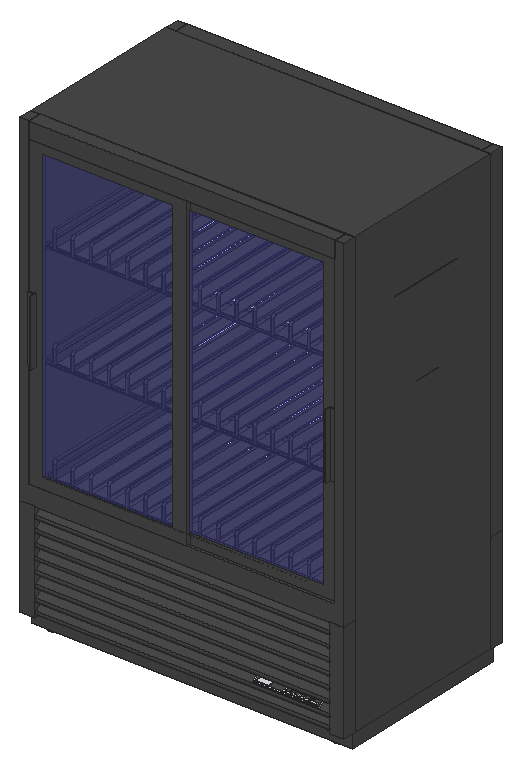
Revit family "QF_TRUE_GDM-33CPT-54-HC-LD", category Specialty Equipment, Revit 2016 (continued)
Definition of nested family "CASTER-LEGS"
  Definition of nested family "C2.5"
    Parameters
      MasterSpec. = ""
      Manufacturer = ""
      Item Number [instance] = ""
      Installed By [instance] = ""
      Identify Quantity as Lot [instance] = yes
      Furnished By [instance] = ""
      Foodservice Equipment Identifier [instance] = yes
      Description = ""
      CSI MasterFormat = ""
      CSI Master Format = ""
      Assembly Code = ""
      2.5 Inches Caster [instance] = yes
    Reference planes (in)
      plane 1: z = 0
      plane 2 "RIGHT": x = 0
      plane 3 "FRONT": y = 0
      plane 4 "TOP": z = 2.5
    Forms (in)
      Revolve 1, solid, visible <- "2.5 Inches Caster"
        sketch origin (-1.93794, 0.83816, -1.0041) x (1, 0, 0) y (0, 0, 1)
          loop
            line (0.74055, 1.92597) -> (0.74055, 1.85047) -> (0.79055, 1.80047) -> (0.85055, 1.80047) -> (0.85055, 1.6804) -> (1.235, 1.6804) -> (1.235, 1.61305) -> (1.38673, 1.52545) -> (1.4003, 1.4416) -> (1.34375, 1.4416) -> (1.34375, 1.3166) -> (1.375, 1.3166) -> (1.375, 1.0041) -> (2.48438, 1.0041) -> (2.48438, 1.3166) -> (2.51563, 1.3166) -> (2.51563, 1.4416) -> (2.45908, 1.4416) -> (2.47322, 1.52897) -> (2.62438, 1.61624) -> (2.62438, 1.6804) -> (3.04007, 1.6804) -> (3.04007, 1.80047) -> (3.10007, 1.80047) -> (3.15007, 1.85047) -> (3.15007, 1.92597) -> (0.74055, 1.92597)
          axis (0.74055, 1.92597) -> (3.15007, 1.92597)
        angle from 0 to 360
      Extrusion 2, solid, visible <- "2.5 Inches Caster"
        sketch origin (-1.93794, 1.80294, -3.2541) x (0, 1, 0) y (0, 0, 1)
          loop
            line (-0.64294, 5.43229) -> (-0.64294, 5.55298) -> (-2.21294, 5.55298) -> (-2.21294, 5.30272) -> (-1.81966, 5.30272)
            arc (-1.81966, 5.30272) -> (-1.13638, 5.20789) -> (-0.46376, 5.05475) r 8.02767
            arc (-0.46376, 5.05475) -> (-0.19511, 4.95469) -> (0.05138, 4.80832) r 1.60049
            line (0.05138, 4.80832) -> (0.12713, 4.91318)
            arc (0.12713, 4.91318) -> (-0.07255, 5.06376) -> (-0.29048, 5.18644) r 1.8753
            line (-0.29048, 5.18644) -> (-0.22239, 5.30423)
            arc (-0.22239, 5.30423) -> (-0.42776, 5.38437) -> (-0.64294, 5.43229) r 1.44292
        from 1.17357 to 2.70231
      Revolve 3, solid, visible <- "2.5 Inches Caster"
        sketch origin (0, 2.10856, -3.75) x (0, 1, 0) y (0, 0, 1)
          loop
            line (-1.73858, 6.25) -> (-1.73858, 6.04889) -> (-1.05793, 6.04889) -> (-1.05793, 6.25) -> (-1.73858, 6.25)
          axis (-1.73858, 6.04889) -> (-1.73858, 6.25)
        angle from 0 to 360
      Extrusion 4, solid, visible <- "2.5 Inches Caster"
        sketch origin (-1.98481, 1.80294, -1.7541) x (0, 1, 0) y (0, 0, 1)
          loop
            line (-2.21294, 4.05298) -> (-2.21294, 3.80272) -> (-2.13999, 3.80272)
            arc (-2.13999, 3.80272) -> (-1.62379, 3.51899) -> (-1.39241, 2.97729) r 0.90292
            arc (-1.39241, 2.97729) -> (-1.36136, 2.78161) -> (-1.29729, 2.59413) r 1.15385
            arc (-1.29729, 2.59413) -> (-0.94802, 2.37355) -> (-0.6121, 2.61396) r 0.37001
            arc (-0.6121, 2.61396) -> (-0.59625, 2.66241) -> (-0.58446, 2.712) r 0.61695
            arc (-0.58446, 2.712) -> (-0.36134, 3.11665) -> (0.05609, 3.31484) r 0.75313
            line (0.05609, 3.31484) -> (0.12713, 3.41318)
            arc (0.12713, 3.41318) -> (-0.07255, 3.56376) -> (-0.29048, 3.68644) r 1.8753
            line (-0.29048, 3.68644) -> (-0.22239, 3.80423)
            arc (-0.22239, 3.80423) -> (-0.42776, 3.88437) -> (-0.64294, 3.93229) r 1.44292
            line (-0.64294, 3.93229) -> (-0.64294, 4.05298) -> (-2.21294, 4.05298)
        from 2.74918 to 2.90825
      Extrusion 5, solid, visible <- "2.5 Inches Caster"
        sketch origin (1.98481, 1.80294, -1.7541) x (0, 1, 0) y (0, 0, -1)
          loop
            line (-2.21294, -4.05298) -> (-0.64294, -4.05298) -> (-0.64294, -3.93229)
            arc (-0.64294, -3.93229) -> (-0.42776, -3.88437) -> (-0.22239, -3.80423) r 1.44292
            line (-0.22239, -3.80423) -> (-0.29048, -3.68644)
            arc (-0.29048, -3.68644) -> (-0.07255, -3.56376) -> (0.12713, -3.41318) r 1.8753
            line (0.12713, -3.41318) -> (0.05609, -3.31484)
            arc (0.05609, -3.31484) -> (-0.36134, -3.11665) -> (-0.58446, -2.712) r 0.75313
            arc (-0.58446, -2.712) -> (-0.59625, -2.66241) -> (-0.6121, -2.61396) r 0.61695
            arc (-0.6121, -2.61396) -> (-0.94802, -2.37355) -> (-1.29729, -2.59413) r 0.37001
            arc (-1.29729, -2.59413) -> (-1.36136, -2.78161) -> (-1.39241, -2.97729) r 1.15385
            arc (-1.39241, -2.97729) -> (-1.62379, -3.51899) -> (-2.13999, -3.80272) r 0.90292
            line (-2.13999, -3.80272) -> (-2.21294, -3.80272) -> (-2.21294, -4.05298)
        from 2.74918 to 2.90825
    Lines and regions (in)
      symbolic lines, visible <- "2.5 Inches Caster"
        curve 1: line (0.10651, 1.96132, 0) -> (0.80944, 1.55548, 0)
        curve 2: line (-0.89349, 0.22927, 0) -> (0.10651, 1.96132, 0)
        curve 3: line (-0.19056, -0.17657, 0) -> (-0.89349, 0.22927, 0)
        curve 4: line (0.80944, 1.55548, 0) -> (-0.19056, -0.17657, 0)
    Dimensions and locks (in)
      plane 4 "TOP" to level = 2 1/2"  (x2)
      aligned and locked: level to plane 1
